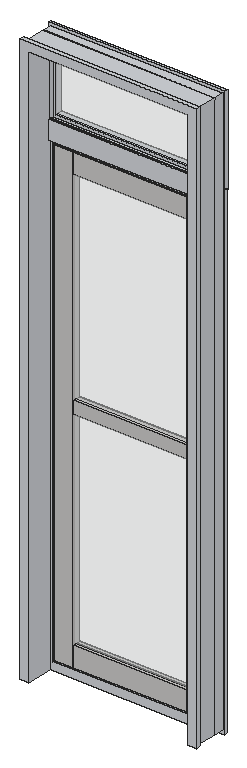
Revit family "APL Residential Thermal Heart Hinged Door with Overlight Open In", category Doors, host Wall, Revit 2017 (continued)
Definition of nested family "APL Residential Thermal Heart Hinged Door with Overlight Open In Vertical Section"
  Definition of nested family "Overlight Detail"
    Definition of nested family "Open In Head&Sill"
      Lines and regions (mm)
        detail lines, in view "Ref. Level", not visible
          curve 52: line (43.039, 48.439, 0) -> (47.988, 48.439, 0)
          curve 53: line (48.146, 48.116, 0) -> (46.796, 45.416, 0)
          curve 54: line (46.487, 45.354, 0) -> (45.203, 46.459, 0)
          curve 55: arc (45.203, 46.459, 0) -> (44.221, 46.592, 0) -> (43.239, 46.459, 0) r 3.701
          curve 56: arc (48.146, 48.116, 0) -> (48.168, 48.327, 0) -> (47.988, 48.439, 0) r 0.2
      Nested families
        nested 1: "65200_Rail" at (-3.982, 40.067, 0), type "65200_Rail", in view "Ref. Level"
        nested 2: "65300_Open In Frame" at (0, 25.539, 0), type "65300_Open In Frame", in view "Ref. Level"
      Definition of nested family "65200_Rail"
        Reference planes
          plane 1 "Center (Front/Back)": y = 0
          plane 2: z = 0
          plane 3 "Center (Left/Right)": x = 0
        Lines and regions (mm)
          model lines, in view "Ref. Level"
            curve 1: arc (21.508, 72.285, 0) -> (21.289, 71.405, 0) -> (21.948, 70.781, 0) r 0.9
            curve 2: arc (21.948, 70.781, 0) -> (22.059, 70.711, 0) -> (22.103, 70.587, 0) r 0.2
            curve 3: arc (22.103, 69.98, 0) -> (22.249, 69.626, 0) -> (22.603, 69.48, 0) r 0.5
            curve 4: arc (26.4, 69.48, 0) -> (26.754, 69.626, 0) -> (26.9, 69.98, 0) r 0.5
            curve 5: arc (26.9, 72.45, 0) -> (26.772, 72.668, 0) -> (26.519, 72.663, 0) r 0.25
            curve 6: arc (26.434, 72.611, 0) -> (26.328, 72.479, 0) -> (26.331, 72.309, 0) r 0.25
            curve 7: arc (25.077, 71.544, 0) -> (25.002, 71.511, 0) -> (24.921, 71.5, 0) r 0.3
            curve 8: arc (24.4, 71.5, 0) -> (24.242, 71.578, 0) -> (24.206, 71.75, 0) r 0.2
            curve 9: arc (24.4, 75.753, 0) -> (24.374, 75.875, 0) -> (24.3, 75.976, 0) r 0.3
            curve 10: arc (24.3, 75.976, 0) -> (24.22, 76.307, 0) -> (24.5, 76.5, 0) r 0.3
            curve 11: arc (26.721, 75.957, 0) -> (26.81, 75.905, 0) -> (26.862, 75.816, 0) r 0.2
            curve 12: arc (26.907, 75.648, 0) -> (27.048, 75.507, 0) -> (27.241, 75.559, 0) r 0.2
            curve 13: arc (27.605, 75.922, 0) -> (27.665, 76.008, 0) -> (27.692, 76.108, 0) r 0.3
            curve 14: arc (27.899, 78.474, 0) -> (27.783, 78.738, 0) -> (27.497, 78.782, 0) r 0.3
            curve 15: arc (26.087, 78.268, 0) -> (25.961, 78.181, 0) -> (25.895, 78.043, 0) r 0.3
            curve 16: arc (25.895, 78.043, 0) -> (25.622, 77.801, 0) -> (25.317, 78, 0) r 0.3
            curve 17: arc (9.5, 78, 0) -> (9.359, 77.941, 0) -> (9.3, 77.8, 0) r 0.2
            curve 18: arc (9.3, 77.5, 0) -> (9.38, 77.2, 0) -> (9.6, 76.98, 0) r 0.6
            curve 19: arc (10.7, 76.345, 0) -> (10.773, 76.272, 0) -> (10.8, 76.172, 0) r 0.2
            curve 20: arc (10.8, 72.08, 0) -> (10.507, 71.373, 0) -> (9.8, 71.08, 0) r 1
            curve 21: arc (2.42, 71.08, 0) -> (1.721, 71.366, 0) -> (1.421, 72.06, 0) r 1
            curve 22: arc (1.322, 76.935, 0) -> (1.357, 77.052, 0) -> (1.453, 77.127, 0) r 0.2
            curve 23: arc (1.453, 77.127, 0) -> (1.621, 77.234, 0) -> (1.725, 77.403, 0) r 0.45
            curve 24: arc (1.725, 77.403, 0) -> (1.729, 77.522, 0) -> (1.665, 77.621, 0) r 0.2
            curve 25: arc (0.2, 78, 0) -> (0.059, 77.941, 0) -> (0, 77.8, 0) r 0.2
            curve 26: arc (0, 0.501, 0) -> (0.146, 0.147, 0) -> (0.5, 0, 0) r 0.5
            curve 27: arc (1, 0, 0) -> (1.354, 0.146, 0) -> (1.5, 0.5, 0) r 0.5
            curve 28: arc (1.5, 10.66, 0) -> (1.559, 10.801, 0) -> (1.7, 10.86, 0) r 0.2
            curve 29: arc (31.317, 10.86, 0) -> (31.622, 11.059, 0) -> (31.895, 10.817, 0) r 0.3
            curve 30: arc (31.895, 10.817, 0) -> (31.961, 10.679, 0) -> (32.087, 10.592, 0) r 0.3
            curve 31: arc (33.497, 10.078, 0) -> (33.783, 10.122, 0) -> (33.899, 10.386, 0) r 0.3
            curve 32: arc (33.692, 12.752, 0) -> (33.665, 12.852, 0) -> (33.605, 12.938, 0) r 0.3
            curve 33: arc (33.241, 13.301, 0) -> (33.048, 13.353, 0) -> (32.907, 13.212, 0) r 0.2
            curve 34: arc (32.862, 13.044, 0) -> (32.81, 12.955, 0) -> (32.721, 12.903, 0) r 0.2
            curve 35: arc (30.5, 12.36, 0) -> (30.22, 12.553, 0) -> (30.3, 12.884, 0) r 0.3
            curve 36: arc (30.3, 12.884, 0) -> (30.374, 12.985, 0) -> (30.4, 13.107, 0) r 0.3
            curve 37: arc (30.206, 17.11, 0) -> (30.242, 17.282, 0) -> (30.4, 17.36, 0) r 0.2
            curve 38: arc (30.921, 17.36, 0) -> (31.002, 17.349, 0) -> (31.077, 17.316, 0) r 0.3
            curve 39: arc (32.331, 16.551, 0) -> (32.328, 16.381, 0) -> (32.434, 16.249, 0) r 0.25
            curve 40: arc (32.519, 16.197, 0) -> (32.772, 16.192, 0) -> (32.9, 16.41, 0) r 0.25
            curve 41: arc (32.9, 18.88, 0) -> (32.754, 19.234, 0) -> (32.4, 19.38, 0) r 0.5
            curve 42: arc (29, 19.38, 0) -> (28.646, 19.234, 0) -> (28.5, 18.88, 0) r 0.5
            curve 43: arc (28.5, 12.96, 0) -> (28.354, 12.606, 0) -> (28, 12.46, 0) r 0.5
            curve 44: arc (23.847, 12.46, 0) -> (23.416, 12.707, 0) -> (23.41, 13.203, 0) r 0.5
            curve 45: arc (23.41, 13.203, 0) -> (23.869, 15.613, 0) -> (22.798, 17.82, 0) r 3.9
            curve 46: arc (22.798, 17.82, 0) -> (21.525, 17.837, 0) -> (21.508, 16.565, 0) r 0.9
            curve 47: arc (21.508, 16.565, 0) -> (22.103, 15.1, 0) -> (21.508, 13.635, 0) r 2.1
            curve 48: arc (21.508, 13.635, 0) -> (21.382, 13.473, 0) -> (21.297, 13.286, 0) r 0.9
            curve 49: arc (21.297, 13.286, 0) -> (21.199, 13.114, 0) -> (21.043, 12.993, 0) r 0.5
            curve 50: arc (21.043, 12.993, 0) -> (20.003, 12.75, 0) -> (18.962, 12.993, 0) r 2.35
            curve 51: arc (18.962, 12.993, 0) -> (18.806, 13.114, 0) -> (18.708, 13.286, 0) r 0.5
            curve 52: arc (18.708, 13.286, 0) -> (18.623, 13.473, 0) -> (18.498, 13.635, 0) r 0.9
            curve 53: arc (18.498, 13.635, 0) -> (17.903, 15.1, 0) -> (18.498, 16.565, 0) r 2.1
            curve 54: arc (18.498, 16.565, 0) -> (18.48, 17.837, 0) -> (17.208, 17.82, 0) r 0.9
            curve 55: arc (17.208, 17.82, 0) -> (16.136, 15.613, 0) -> (16.595, 13.203, 0) r 3.9
            curve 56: arc (16.595, 13.203, 0) -> (16.589, 12.707, 0) -> (16.158, 12.46, 0) r 0.5
            curve 57: arc (2.1, 12.46, 0) -> (1.746, 12.606, 0) -> (1.6, 12.96, 0) r 0.5
            curve 58: arc (1.6, 68.98, 0) -> (1.746, 69.334, 0) -> (2.1, 69.48, 0) r 0.5
            curve 59: arc (9.8, 69.48, 0) -> (11.638, 70.242, 0) -> (12.4, 72.08, 0) r 2.6
            curve 60: arc (12.4, 75.9, 0) -> (12.546, 76.254, 0) -> (12.9, 76.4, 0) r 0.5
            curve 61: line (22.103, 70.587, 0) -> (22.103, 69.98, 0)
            curve 62: line (22.603, 69.48, 0) -> (26.4, 69.48, 0)
            curve 63: line (26.9, 69.98, 0) -> (26.9, 72.45, 0)
            curve 64: line (26.331, 72.309, 0) -> (25.077, 71.544, 0)
            curve 65: line (25.077, 71.544, 0) -> (24.4, 71.5, 0)
            curve 66: line (24.206, 71.75, 0) -> (24.394, 72.475, 0)
            curve 67: line (24.394, 72.475, 0) -> (24.4, 75.753, 0)
            curve 68: line (24.654, 76.5, 0) -> (26.721, 75.957, 0)
            curve 69: line (26.721, 75.957, 0) -> (26.907, 75.648, 0)
            curve 70: line (27.241, 75.559, 0) -> (27.605, 75.922, 0)
            curve 71: line (27.692, 76.108, 0) -> (27.899, 78.474, 0)
            curve 72: line (27.497, 78.782, 0) -> (26.087, 78.268, 0)
            curve 73: line (25.317, 78, 0) -> (9.5, 78, 0)
            curve 74: line (9.3, 77.8, 0) -> (9.3, 77.5, 0)
            curve 75: line (9.6, 76.98, 0) -> (10.7, 76.345, 0)
            curve 76: line (10.8, 76.172, 0) -> (10.8, 72.08, 0)
            curve 77: line (9.8, 71.08, 0) -> (2.42, 71.08, 0)
            curve 78: line (1.421, 72.06, 0) -> (1.322, 76.935, 0)
            curve 79: line (1.665, 77.621, 0) -> (1.269, 77.953, 0)
            curve 80: line (1.269, 77.953, 0) -> (0.2, 78, 0)
            curve 81: line (0, 77.8, 0) -> (0, 0.501, 0)
            curve 82: line (0.5, 0, 0) -> (1, 0, 0)
            curve 83: line (1.5, 0.5, 0) -> (1.5, 10.66, 0)
            curve 84: line (1.7, 10.86, 0) -> (31.317, 10.86, 0)
            curve 85: line (32.087, 10.592, 0) -> (33.497, 10.078, 0)
            curve 86: line (33.899, 10.386, 0) -> (33.692, 12.752, 0)
            curve 87: line (33.605, 12.938, 0) -> (33.241, 13.301, 0)
            curve 88: line (32.907, 13.212, 0) -> (32.862, 13.044, 0)
            curve 89: line (32.862, 13.044, 0) -> (30.732, 12.37, 0)
            curve 90: line (30.732, 12.37, 0) -> (30.5, 12.36, 0)
            curve 91: line (30.4, 13.107, 0) -> (30.4, 16.335, 0)
            curve 92: line (30.4, 16.335, 0) -> (30.206, 17.11, 0)
            curve 93: line (30.4, 17.36, 0) -> (30.921, 17.36, 0)
            curve 94: line (30.921, 17.36, 0) -> (32.331, 16.551, 0)
            curve 95: line (32.9, 16.41, 0) -> (32.9, 18.88, 0)
            curve 96: line (32.4, 19.38, 0) -> (29, 19.38, 0)
            curve 97: line (28.5, 18.88, 0) -> (28.5, 12.96, 0)
            curve 98: line (28, 12.46, 0) -> (23.847, 12.46, 0)
            curve 99: line (16.158, 12.46, 0) -> (2.1, 12.46, 0)
            curve 100: line (1.6, 12.96, 0) -> (1.6, 68.98, 0)
            curve 101: line (2.1, 69.48, 0) -> (9.8, 69.48, 0)
            curve 102: line (12.4, 72.08, 0) -> (12.4, 75.9, 0)
            curve 103: line (12.9, 76.4, 0) -> (16.164, 76.4, 0)
            curve 104: arc (16.164, 76.4, 0) -> (16.595, 76.153, 0) -> (16.6, 75.656, 0) r 0.5
            curve 105: arc (16.6, 75.656, 0) -> (16.136, 73.242, 0) -> (17.208, 71.03, 0) r 3.9
            curve 106: arc (17.208, 71.03, 0) -> (18.48, 71.013, 0) -> (18.498, 72.285, 0) r 0.9
            curve 107: arc (18.498, 72.285, 0) -> (17.903, 73.75, 0) -> (18.498, 75.215, 0) r 2.1
            curve 108: arc (18.498, 75.215, 0) -> (18.623, 75.377, 0) -> (18.708, 75.564, 0) r 0.9
            curve 109: arc (18.708, 75.564, 0) -> (18.806, 75.736, 0) -> (18.962, 75.857, 0) r 0.5
            curve 110: arc (18.962, 75.857, 0) -> (20.003, 76.1, 0) -> (21.043, 75.857, 0) r 2.35
            curve 111: arc (21.043, 75.857, 0) -> (21.199, 75.736, 0) -> (21.297, 75.564, 0) r 0.5
            curve 112: arc (21.297, 75.564, 0) -> (21.382, 75.377, 0) -> (21.508, 75.215, 0) r 0.9
            curve 113: arc (21.508, 75.215, 0) -> (22.103, 73.75, 0) -> (21.508, 72.285, 0) r 2.1
            curve 114: arc (30.4, 16.46, 0) -> (30.517, 16.743, 0) -> (30.8, 16.86, 0) r 0.4
            curve 115: arc (31.093, 16.86, 0) -> (31.196, 16.846, 0) -> (31.293, 16.806, 0) r 0.4
            curve 116: arc (32.821, 15.921, 0) -> (33.111, 15.801, 0) -> (33.422, 15.76, 0) r 1.2
            curve 117: arc (34.345, 15.76, 0) -> (34.918, 15.579, 0) -> (35.284, 15.102, 0) r 1
            curve 118: arc (36.077, 12.923, 0) -> (36.224, 12.732, 0) -> (36.453, 12.66, 0) r 0.4
            curve 119: arc (42.947, 12.66, 0) -> (43.176, 12.732, 0) -> (43.323, 12.923, 0) r 0.4
            curve 120: arc (44.116, 15.102, 0) -> (44.482, 15.579, 0) -> (45.055, 15.76, 0) r 1
            curve 121: arc (45.978, 15.76, 0) -> (46.289, 15.801, 0) -> (46.579, 15.921, 0) r 1.2
            curve 122: arc (48.107, 16.806, 0) -> (48.204, 16.846, 0) -> (48.307, 16.86, 0) r 0.4
            curve 123: arc (48.6, 16.86, 0) -> (48.883, 16.743, 0) -> (49, 16.46, 0) r 0.4
            curve 124: arc (49, 13.06, 0) -> (48.883, 12.777, 0) -> (48.6, 12.66, 0) r 0.4
            curve 125: arc (48.307, 12.66, 0) -> (48.204, 12.674, 0) -> (48.107, 12.714, 0) r 0.4
            curve 126: arc (46.579, 13.599, 0) -> (46.285, 13.72, 0) -> (45.97, 13.76, 0) r 1.2
            curve 127: arc (45.97, 13.76, 0) -> (45.795, 13.707, 0) -> (45.684, 13.563, 0) r 0.3
            curve 128: arc (44.796, 11.123, 0) -> (44.649, 10.932, 0) -> (44.42, 10.86, 0) r 0.4
            curve 129: arc (34.98, 10.86, 0) -> (34.751, 10.932, 0) -> (34.604, 11.123, 0) r 0.4
            curve 130: arc (33.716, 13.563, 0) -> (33.605, 13.707, 0) -> (33.43, 13.76, 0) r 0.3
            curve 131: arc (33.43, 13.76, 0) -> (33.115, 13.72, 0) -> (32.821, 13.599, 0) r 1.2
            curve 132: arc (31.293, 12.714, 0) -> (31.196, 12.674, 0) -> (31.093, 12.66, 0) r 0.4
            curve 133: arc (30.8, 12.66, 0) -> (30.517, 12.777, 0) -> (30.4, 13.06, 0) r 0.4
            curve 134: line (30.8, 16.86, 0) -> (31.093, 16.86, 0)
            curve 135: line (31.293, 16.806, 0) -> (32.821, 15.921, 0)
            curve 136: line (33.422, 15.76, 0) -> (34.345, 15.76, 0)
            curve 137: line (35.284, 15.102, 0) -> (36.077, 12.923, 0)
            curve 138: line (36.453, 12.66, 0) -> (42.947, 12.66, 0)
            curve 139: line (43.323, 12.923, 0) -> (44.116, 15.102, 0)
            curve 140: line (45.055, 15.76, 0) -> (45.978, 15.76, 0)
            curve 141: line (46.579, 15.921, 0) -> (48.107, 16.806, 0)
            curve 142: line (48.307, 16.86, 0) -> (48.6, 16.86, 0)
            curve 143: line (49, 16.46, 0) -> (49, 13.06, 0)
            curve 144: line (48.6, 12.66, 0) -> (48.307, 12.66, 0)
            curve 145: line (48.107, 12.714, 0) -> (46.579, 13.599, 0)
            curve 146: line (45.684, 13.563, 0) -> (44.796, 11.123, 0)
            curve 147: line (44.42, 10.86, 0) -> (34.98, 10.86, 0)
            curve 148: line (34.604, 11.123, 0) -> (33.716, 13.563, 0)
            curve 149: line (32.821, 13.599, 0) -> (31.293, 12.714, 0)
            curve 150: line (31.093, 12.66, 0) -> (30.8, 12.66, 0)
            curve 151: line (30.4, 13.06, 0) -> (30.4, 16.46, 0)
            curve 152: arc (24.4, 72.4, 0) -> (24.517, 72.117, 0) -> (24.8, 72, 0) r 0.4
            curve 153: arc (25.093, 72, 0) -> (25.196, 72.014, 0) -> (25.293, 72.054, 0) r 0.4
            curve 154: arc (26.821, 72.939, 0) -> (27.111, 73.059, 0) -> (27.422, 73.1, 0) r 1.2
            curve 155: arc (28.345, 73.1, 0) -> (28.918, 73.281, 0) -> (29.284, 73.758, 0) r 1
            curve 156: arc (30.077, 75.937, 0) -> (30.224, 76.128, 0) -> (30.453, 76.2, 0) r 0.4
            curve 157: arc (36.947, 76.2, 0) -> (37.176, 76.128, 0) -> (37.323, 75.937, 0) r 0.4
            curve 158: arc (38.116, 73.758, 0) -> (38.482, 73.281, 0) -> (39.055, 73.1, 0) r 1
            curve 159: arc (39.978, 73.1, 0) -> (40.289, 73.059, 0) -> (40.579, 72.939, 0) r 1.2
            curve 160: arc (42.107, 72.054, 0) -> (42.204, 72.014, 0) -> (42.307, 72, 0) r 0.4
            curve 161: arc (42.6, 72, 0) -> (42.883, 72.117, 0) -> (43, 72.4, 0) r 0.4
            curve 162: arc (43, 75.8, 0) -> (42.883, 76.083, 0) -> (42.6, 76.2, 0) r 0.4
            curve 163: arc (42.307, 76.2, 0) -> (42.204, 76.186, 0) -> (42.107, 76.146, 0) r 0.4
            curve 164: arc (40.579, 75.261, 0) -> (40.285, 75.14, 0) -> (39.97, 75.1, 0) r 1.2
            curve 165: arc (39.97, 75.1, 0) -> (39.795, 75.153, 0) -> (39.684, 75.297, 0) r 0.3
            curve 166: arc (38.796, 77.737, 0) -> (38.649, 77.928, 0) -> (38.42, 78, 0) r 0.4
            curve 167: arc (28.98, 78, 0) -> (28.751, 77.928, 0) -> (28.604, 77.737, 0) r 0.4
            curve 168: arc (27.716, 75.297, 0) -> (27.605, 75.153, 0) -> (27.43, 75.1, 0) r 0.3
            curve 169: arc (27.43, 75.1, 0) -> (27.115, 75.14, 0) -> (26.821, 75.261, 0) r 1.2
            curve 170: arc (25.293, 76.146, 0) -> (25.196, 76.186, 0) -> (25.093, 76.2, 0) r 0.4
            curve 171: arc (24.8, 76.2, 0) -> (24.517, 76.083, 0) -> (24.4, 75.8, 0) r 0.4
            curve 172: line (24.8, 72, 0) -> (25.093, 72, 0)
            curve 173: line (25.293, 72.054, 0) -> (26.821, 72.939, 0)
            curve 174: line (27.422, 73.1, 0) -> (28.345, 73.1, 0)
            curve 175: line (29.284, 73.758, 0) -> (30.077, 75.937, 0)
            curve 176: line (30.453, 76.2, 0) -> (36.947, 76.2, 0)
            curve 177: line (37.323, 75.937, 0) -> (38.116, 73.758, 0)
            curve 178: line (39.055, 73.1, 0) -> (39.978, 73.1, 0)
            curve 179: line (40.579, 72.939, 0) -> (42.107, 72.054, 0)
            curve 180: line (42.307, 72, 0) -> (42.6, 72, 0)
            curve 181: line (43, 72.4, 0) -> (43, 75.8, 0)
            curve 182: line (42.6, 76.2, 0) -> (42.307, 76.2, 0)
            curve 183: line (42.107, 76.146, 0) -> (40.579, 75.261, 0)
            curve 184: line (39.684, 75.297, 0) -> (38.796, 77.737, 0)
            curve 185: line (38.42, 78, 0) -> (28.98, 78, 0)
            curve 186: line (28.604, 77.737, 0) -> (27.716, 75.297, 0)
            curve 187: line (26.821, 75.261, 0) -> (25.293, 76.146, 0)
            curve 188: line (25.093, 76.2, 0) -> (24.8, 76.2, 0)
            curve 189: line (24.4, 75.8, 0) -> (24.4, 72.4, 0)
            curve 190: arc (44.4, 69.6, 0) -> (44.754, 69.746, 0) -> (44.9, 70.1, 0) r 0.5
            curve 191: arc (44.9, 76.091, 0) -> (44.955, 76.318, 0) -> (45.108, 76.496, 0) r 0.5
            curve 192: arc (45.108, 76.496, 0) -> (45.336, 76.687, 0) -> (45.535, 76.908, 0) r 2.1
            curve 193: arc (45.535, 76.908, 0) -> (45.71, 77.049, 0) -> (45.929, 77.1, 0) r 0.5
            curve 194: arc (49, 77.1, 0) -> (49.354, 76.954, 0) -> (49.5, 76.6, 0) r 0.5
            curve 195: arc (49.5, 23.4, 0) -> (49.354, 23.046, 0) -> (49, 22.9, 0) r 0.5
            curve 196: arc (44.8, 22.9, 0) -> (44.659, 22.841, 0) -> (44.6, 22.7, 0) r 0.2
            curve 197: arc (44.6, 21.1, 0) -> (44.659, 20.959, 0) -> (44.8, 20.9, 0) r 0.2
            curve 198: arc (49.295, 20.9, 0) -> (49.436, 20.841, 0) -> (49.495, 20.7, 0) r 0.2
            curve 199: arc (49.495, 19.46, 0) -> (49.436, 19.319, 0) -> (49.295, 19.26, 0) r 0.2
            curve 200: arc (47.809, 19.26, 0) -> (47.674, 19.241, 0) -> (47.549, 19.187, 0) r 0.5
            curve 201: arc (46.979, 18.839, 0) -> (46.628, 18.475, 0) -> (46.5, 17.986, 0) r 1
            curve 202: arc (46.5, 16.41, 0) -> (46.628, 16.192, 0) -> (46.88, 16.197, 0) r 0.25
            curve 203: arc (46.966, 16.249, 0) -> (47.072, 16.381, 0) -> (47.069, 16.551, 0) r 0.25
            curve 204: arc (48.323, 17.316, 0) -> (48.398, 17.349, 0) -> (48.479, 17.36, 0) r 0.3
            curve 205: arc (49, 17.36, 0) -> (49.158, 17.282, 0) -> (49.194, 17.11, 0) r 0.2
            curve 206: arc (49, 13.107, 0) -> (49.026, 12.985, 0) -> (49.1, 12.884, 0) r 0.3
            curve 207: arc (49.1, 12.884, 0) -> (49.18, 12.553, 0) -> (48.9, 12.36, 0) r 0.3
            curve 208: arc (46.679, 12.903, 0) -> (46.59, 12.955, 0) -> (46.538, 13.044, 0) r 0.2
            curve 209: arc (46.493, 13.212, 0) -> (46.352, 13.353, 0) -> (46.159, 13.301, 0) r 0.2
            curve 210: arc (45.795, 12.938, 0) -> (45.735, 12.852, 0) -> (45.708, 12.752, 0) r 0.3
            curve 211: arc (45.501, 10.386, 0) -> (45.617, 10.122, 0) -> (45.903, 10.078, 0) r 0.3
            curve 212: arc (47.313, 10.592, 0) -> (47.439, 10.679, 0) -> (47.505, 10.817, 0) r 0.3
            curve 213: arc (47.505, 10.817, 0) -> (47.778, 11.059, 0) -> (48.083, 10.86, 0) r 0.3
            curve 214: arc (49.4, 10.86, 0) -> (49.754, 10.714, 0) -> (49.9, 10.36, 0) r 0.5
            curve 215: arc (49.9, 0.5, 0) -> (50.046, 0.146, 0) -> (50.4, 0, 0) r 0.5
            curve 216: arc (50.9, 0, 0) -> (51.254, 0.146, 0) -> (51.4, 0.5, 0) r 0.5
            curve 217: arc (51.4, 96.5, 0) -> (51.254, 96.854, 0) -> (50.9, 97, 0) r 0.5
            curve 218: arc (43, 97, 0) -> (42.646, 96.854, 0) -> (42.5, 96.5, 0) r 0.5
            curve 219: arc (42.5, 95.25, 0) -> (43, 94.75, 0) -> (43.5, 95.25, 0) r 0.5
            curve 220: arc (43.5, 95.8, 0) -> (43.559, 95.941, 0) -> (43.7, 96, 0) r 0.2
            curve 221: arc (44.8, 96, 0) -> (44.941, 95.941, 0) -> (45, 95.8, 0) r 0.2
            curve 222: arc (45, 90.7, 0) -> (44.941, 90.559, 0) -> (44.8, 90.5, 0) r 0.2
            curve 223: arc (43.7, 90.5, 0) -> (43.559, 90.559, 0) -> (43.5, 90.7, 0) r 0.2
            curve 224: arc (43.5, 91.25, 0) -> (43, 91.75, 0) -> (42.5, 91.25, 0) r 0.5
            curve 225: arc (42.5, 89.7, 0) -> (42.559, 89.559, 0) -> (42.7, 89.5, 0) r 0.2
            curve 226: arc (46.3, 89.5, 0) -> (46.441, 89.559, 0) -> (46.5, 89.7, 0) r 0.2
            curve 227: arc (46.5, 95, 0) -> (46.646, 95.354, 0) -> (47, 95.5, 0) r 0.5
            curve 228: arc (49, 95.5, 0) -> (49.354, 95.354, 0) -> (49.5, 95, 0) r 0.5
            curve 229: arc (49.5, 79.5, 0) -> (49.354, 79.146, 0) -> (49, 79, 0) r 0.5
            curve 230: arc (44.88, 79, 0) -> (44.739, 78.941, 0) -> (44.68, 78.8, 0) r 0.2
            curve 231: arc (44.68, 78.2, 0) -> (44.621, 78.059, 0) -> (44.48, 78, 0) r 0.2
            curve 232: arc (42.083, 78, 0) -> (41.778, 77.801, 0) -> (41.505, 78.043, 0) r 0.3
            curve 233: arc (41.505, 78.043, 0) -> (41.439, 78.181, 0) -> (41.313, 78.268, 0) r 0.3
            curve 234: arc (39.903, 78.782, 0) -> (39.617, 78.738, 0) -> (39.501, 78.474, 0) r 0.3
            curve 235: arc (39.708, 76.108, 0) -> (39.735, 76.008, 0) -> (39.795, 75.922, 0) r 0.3
            curve 236: arc (40.159, 75.559, 0) -> (40.352, 75.507, 0) -> (40.493, 75.648, 0) r 0.2
            curve 237: arc (40.538, 75.816, 0) -> (40.59, 75.905, 0) -> (40.679, 75.957, 0) r 0.2
            curve 238: arc (42.9, 76.5, 0) -> (43.18, 76.307, 0) -> (43.1, 75.976, 0) r 0.3
            curve 239: arc (43.1, 75.976, 0) -> (43.026, 75.875, 0) -> (43, 75.753, 0) r 0.3
            curve 240: arc (43.194, 71.75, 0) -> (43.158, 71.578, 0) -> (43, 71.5, 0) r 0.2
            curve 241: arc (42.479, 71.5, 0) -> (42.398, 71.511, 0) -> (42.323, 71.544, 0) r 0.3
            curve 242: arc (41.069, 72.309, 0) -> (41.072, 72.479, 0) -> (40.966, 72.611, 0) r 0.25
            curve 243: arc (40.88, 72.663, 0) -> (40.628, 72.668, 0) -> (40.5, 72.45, 0) r 0.25
            curve 244: arc (40.5, 70.874, 0) -> (40.628, 70.385, 0) -> (40.979, 70.021, 0) r 1
            curve 245: arc (41.549, 69.673, 0) -> (41.674, 69.619, 0) -> (41.809, 69.6, 0) r 0.5
            curve 246: line (44.9, 70.1, 0) -> (44.9, 76.091, 0)
            curve 247: line (45.929, 77.1, 0) -> (49, 77.1, 0)
            curve 248: line (49.5, 76.6, 0) -> (49.5, 23.4, 0)
            curve 249: line (49, 22.9, 0) -> (44.8, 22.9, 0)
            curve 250: line (44.6, 22.7, 0) -> (44.6, 21.1, 0)
            curve 251: line (44.8, 20.9, 0) -> (49.295, 20.9, 0)
            curve 252: line (49.495, 20.7, 0) -> (49.495, 19.46, 0)
            curve 253: line (49.295, 19.26, 0) -> (47.809, 19.26, 0)
            curve 254: line (47.549, 19.187, 0) -> (46.979, 18.839, 0)
            curve 255: line (46.5, 17.986, 0) -> (46.5, 16.41, 0)
            curve 256: line (47.069, 16.551, 0) -> (48.323, 17.316, 0)
            curve 257: line (48.323, 17.316, 0) -> (49, 17.36, 0)
            curve 258: line (49.194, 17.11, 0) -> (49.006, 16.385, 0)
            curve 259: line (49.006, 16.385, 0) -> (49, 13.107, 0)
            curve 260: line (48.746, 12.36, 0) -> (46.679, 12.903, 0)
            curve 261: line (46.679, 12.903, 0) -> (46.493, 13.212, 0)
            curve 262: line (46.159, 13.301, 0) -> (45.795, 12.938, 0)
            curve 263: line (45.708, 12.752, 0) -> (45.501, 10.386, 0)
            curve 264: line (45.903, 10.078, 0) -> (47.313, 10.592, 0)
            curve 265: line (48.083, 10.86, 0) -> (49.4, 10.86, 0)
            curve 266: line (49.9, 10.36, 0) -> (49.9, 0.5, 0)
            curve 267: line (50.4, 0, 0) -> (50.9, 0, 0)
            curve 268: line (51.4, 0.5, 0) -> (51.4, 96.5, 0)
            curve 269: line (43, 97, 0) -> (50.9, 97, 0)
            curve 270: line (50.9, 97, 0) -> (43, 97, 0)
            curve 271: line (42.5, 96.5, 0) -> (42.5, 95.25, 0)
            curve 272: line (43.5, 95.25, 0) -> (43.5, 95.8, 0)
            curve 273: line (43.7, 96, 0) -> (44.8, 96, 0)
            curve 274: line (45, 95.8, 0) -> (45, 90.7, 0)
            curve 275: line (44.8, 90.5, 0) -> (43.7, 90.5, 0)
            curve 276: line (43.5, 90.7, 0) -> (43.5, 91.25, 0)
            curve 277: line (42.5, 91.25, 0) -> (42.5, 89.7, 0)
            curve 278: line (42.7, 89.5, 0) -> (46.3, 89.5, 0)
            curve 279: line (46.5, 89.7, 0) -> (46.5, 95, 0)
            curve 280: line (47, 95.5, 0) -> (49, 95.5, 0)
            curve 281: line (49.5, 95, 0) -> (49.5, 79.5, 0)
            curve 282: line (49, 79, 0) -> (44.88, 79, 0)
            curve 283: line (44.68, 78.8, 0) -> (44.68, 78.2, 0)
            curve 284: line (44.48, 78, 0) -> (42.083, 78, 0)
            curve 285: line (41.313, 78.268, 0) -> (39.903, 78.782, 0)
            curve 286: line (39.501, 78.474, 0) -> (39.708, 76.108, 0)
            curve 287: line (39.795, 75.922, 0) -> (40.159, 75.559, 0)
            curve 288: line (40.493, 75.648, 0) -> (40.538, 75.816, 0)
            curve 289: line (40.538, 75.816, 0) -> (42.668, 76.49, 0)
            curve 290: line (42.668, 76.49, 0) -> (42.9, 76.5, 0)
            curve 291: line (43, 75.753, 0) -> (43, 72.525, 0)
            curve 292: line (43, 72.525, 0) -> (43.194, 71.75, 0)
            curve 293: line (43, 71.5, 0) -> (42.479, 71.5, 0)
            curve 294: line (42.479, 71.5, 0) -> (41.069, 72.309, 0)
            curve 295: line (40.5, 72.45, 0) -> (40.5, 70.874, 0)
            curve 296: line (40.979, 70.021, 0) -> (41.549, 69.673, 0)
            curve 297: line (41.809, 69.6, 0) -> (44.4, 69.6, 0)
        Text (mm)
          text "65200" at (8.462, 126.741, 0), in view "Ref. Level"
      Definition of nested family "65300_Open In Frame"
        Reference planes
          plane 1 "Center (Front/Back)": y = 0
          plane 2: z = 0
          plane 3 "Center (Left/Right)": x = 0
        Lines and regions (mm)
          model lines, in view "Ref. Level"
            curve 1: arc (41.813, -11.527, 0) -> (41.517, -11.698, 0) -> (41.4, -12.02, 0) r 0.5
            curve 2: arc (41.4, -13.4, 0) -> (41.341, -13.541, 0) -> (41.2, -13.6, 0) r 0.2
            curve 3: arc (16.255, -13.6, 0) -> (16.114, -13.541, 0) -> (16.055, -13.4, 0) r 0.2
            curve 4: arc (16.055, -8.6, 0) -> (16.114, -8.459, 0) -> (16.255, -8.4, 0) r 0.2
            curve 5: arc (16.9, -8.4, 0) -> (17.961, -7.961, 0) -> (18.4, -6.9, 0) r 1.5
            curve 6: arc (18.4, -2.6, 0) -> (18.459, -2.459, 0) -> (18.6, -2.4, 0) r 0.2
            curve 7: arc (23.2, -2.4, 0) -> (23.341, -2.341, 0) -> (23.4, -2.2, 0) r 0.2
            curve 8: arc (23.4, -1.6, 0) -> (23.459, -1.459, 0) -> (23.6, -1.4, 0) r 0.2
            curve 9: arc (33.4, -1.4, 0) -> (33.541, -1.459, 0) -> (33.6, -1.6, 0) r 0.2
            curve 10: arc (33.6, -2.2, 0) -> (33.659, -2.341, 0) -> (33.8, -2.4, 0) r 0.2
            curve 11: arc (38.4, -2.4, 0) -> (38.541, -2.341, 0) -> (38.6, -2.2, 0) r 0.2
            curve 12: arc (38.6, -1.6, 0) -> (38.659, -1.459, 0) -> (38.8, -1.4, 0) r 0.2
            curve 13: arc (39.375, -1.4, 0) -> (39.996, -1.318, 0) -> (40.575, -1.078, 0) r 2.4
            curve 14: arc (48.4, 2.4, 0) -> (48.541, 2.341, 0) -> (48.6, 2.2, 0) r 0.2
            curve 15: arc (48.6, -2.8, 0) -> (48.454, -3.154, 0) -> (48.1, -3.3, 0) r 0.5
            curve 16: arc (46, -3.3, 0) -> (45.01, -3.71, 0) -> (44.6, -4.7, 0) r 1.4
            curve 17: arc (44.6, -10.616, 0) -> (44.483, -10.938, 0) -> (44.187, -11.109, 0) r 0.5
            curve 18: arc (16.4, -1.5, 0) -> (16.68, -1.693, 0) -> (16.6, -2.024, 0) r 0.3
            curve 19: arc (16.6, -2.024, 0) -> (16.526, -2.125, 0) -> (16.5, -2.247, 0) r 0.3
            curve 20: arc (16.694, -6.25, 0) -> (16.658, -6.422, 0) -> (16.5, -6.5, 0) r 0.2
            curve 21: arc (15.979, -6.5, 0) -> (15.898, -6.489, 0) -> (15.823, -6.456, 0) r 0.3
            curve 22: arc (14.569, -5.691, 0) -> (14.572, -5.521, 0) -> (14.466, -5.389, 0) r 0.25
            curve 23: arc (14.38, -5.337, 0) -> (14.15, -5.321, 0) -> (14.005, -5.5, 0) r 0.25
            curve 24: arc (13.755, -5.5, 0) -> (13.614, -5.559, 0) -> (13.555, -5.7, 0) r 0.2
            curve 25: arc (13.555, -7.186, 0) -> (13.581, -7.284, 0) -> (13.651, -7.356, 0) r 0.2
            curve 26: arc (14.059, -7.606, 0) -> (14.129, -7.679, 0) -> (14.155, -7.776, 0) r 0.2
            curve 27: arc (15.056, -16.445, 0) -> (15.361, -16.746, 0) -> (15.787, -16.701, 0) r 0.5
            curve 28: arc (15.924, -16.617, 0) -> (16.074, -16.697, 0) -> (16.24, -16.663, 0) r 0.25
            curve 29: arc (16.326, -16.611, 0) -> (16.432, -16.479, 0) -> (16.429, -16.309, 0) r 0.25
            curve 30: arc (17.682, -15.544, 0) -> (17.758, -15.511, 0) -> (17.839, -15.5, 0) r 0.3
            curve 31: arc (18.36, -15.5, 0) -> (18.518, -15.578, 0) -> (18.554, -15.75, 0) r 0.2
            curve 32: arc (18.36, -19.753, 0) -> (18.386, -19.875, 0) -> (18.46, -19.976, 0) r 0.3
            curve 33: arc (18.46, -19.976, 0) -> (18.54, -20.307, 0) -> (18.26, -20.5, 0) r 0.3
            curve 34: arc (16.039, -19.957, 0) -> (15.95, -19.905, 0) -> (15.898, -19.816, 0) r 0.2
            curve 35: arc (15.853, -19.648, 0) -> (15.712, -19.507, 0) -> (15.519, -19.559, 0) r 0.2
            curve 36: arc (15.155, -19.922, 0) -> (15.095, -20.008, 0) -> (15.068, -20.108, 0) r 0.3
            curve 37: arc (14.861, -22.474, 0) -> (14.977, -22.738, 0) -> (15.263, -22.782, 0) r 0.3
            curve 38: arc (16.673, -22.268, 0) -> (16.799, -22.181, 0) -> (16.865, -22.043, 0) r 0.3
            curve 39: arc (16.865, -22.043, 0) -> (17.138, -21.801, 0) -> (17.443, -22, 0) r 0.3
            curve 40: arc (19.76, -22, 0) -> (20.114, -21.854, 0) -> (20.26, -21.5, 0) r 0.5
            curve 41: arc (20.26, -15.2, 0) -> (20.319, -15.059, 0) -> (20.46, -15, 0) r 0.2
            curve 42: arc (24.707, -15.057, 0) -> (24.868, -15.163, 0) -> (25.057, -15.2, 0) r 0.5
            curve 43: arc (34.743, -15.2, 0) -> (34.932, -15.164, 0) -> (35.093, -15.057, 0) r 0.485
            curve 44: arc (41.4, -15, 0) -> (42.39, -14.59, 0) -> (42.8, -13.6, 0) r 1.4
            curve 45: arc (42.8, -13.194, 0) -> (42.917, -12.873, 0) -> (43.213, -12.702, 0) r 0.5
            curve 46: arc (44.013, -12.561, 0) -> (44.421, -12.67, 0) -> (44.6, -13.053, 0) r 0.5
            curve 47: arc (44.6, -24.2, 0) -> (44.981, -25.119, 0) -> (45.9, -25.5, 0) r 1.3
            curve 48: arc (55.35, -25.5, 0) -> (56, -24.85, 0) -> (55.35, -24.2, 0) r 0.65
            curve 49: arc (49.5, -4.7, 0) -> (49.854, -4.554, 0) -> (50, -4.2, 0) r 0.5
            curve 50: arc (50, 7.5, 0) -> (49.707, 8.207, 0) -> (49, 8.5, 0) r 1
            curve 51: arc (46.6, 8.5, 0) -> (45.893, 8.207, 0) -> (45.6, 7.5, 0) r 1
            curve 52: arc (45.6, 7.4, 0) -> (45.688, 7.188, 0) -> (45.9, 7.1, 0) r 0.3
            curve 53: arc (48.4, 7.1, 0) -> (48.541, 7.041, 0) -> (48.6, 6.9, 0) r 0.2
            curve 54: arc (48.6, 4, 0) -> (48.541, 3.859, 0) -> (48.4, 3.8, 0) r 0.2
            curve 55: arc (46.6, 3.8, 0) -> (46.238, 3.752, 0) -> (45.9, 3.612, 0) r 1.4
            curve 56: arc (39.875, 0.134, 0) -> (39.634, 0.034, 0) -> (39.375, 0, 0) r 1
            curve 57: arc (15.583, 0, 0) -> (15.278, -0.199, 0) -> (15.005, 0.043, 0) r 0.3
            curve 58: arc (15.005, 0.043, 0) -> (14.939, 0.181, 0) -> (14.813, 0.268, 0) r 0.3
            curve 59: arc (13.403, 0.782, 0) -> (13.117, 0.738, 0) -> (13.001, 0.474, 0) r 0.3
            curve 60: arc (13.208, -1.892, 0) -> (13.235, -1.992, 0) -> (13.295, -2.078, 0) r 0.3
            curve 61: arc (13.659, -2.441, 0) -> (13.852, -2.493, 0) -> (13.993, -2.352, 0) r 0.2
            curve 62: line (41.4, -12.02, 0) -> (41.4, -13.4, 0)
            curve 63: line (41.2, -13.6, 0) -> (16.255, -13.6, 0)
            curve 64: line (16.055, -13.4, 0) -> (16.055, -8.6, 0)
            curve 65: line (16.255, -8.4, 0) -> (16.9, -8.4, 0)
            curve 66: line (18.4, -6.9, 0) -> (18.4, -2.6, 0)
            curve 67: line (18.6, -2.4, 0) -> (23.2, -2.4, 0)
            curve 68: line (23.4, -2.2, 0) -> (23.4, -1.6, 0)
            curve 69: line (23.6, -1.4, 0) -> (33.4, -1.4, 0)
            curve 70: line (33.6, -1.6, 0) -> (33.6, -2.2, 0)
            curve 71: line (33.8, -2.4, 0) -> (38.4, -2.4, 0)
            curve 72: line (38.6, -2.2, 0) -> (38.6, -1.6, 0)
            curve 73: line (38.8, -1.4, 0) -> (39.375, -1.4, 0)
            curve 74: line (40.575, -1.078, 0) -> (46.554, 2.373, 0)
            curve 75: line (46.554, 2.373, 0) -> (48.4, 2.4, 0)
            curve 76: line (48.6, 2.2, 0) -> (48.6, -2.8, 0)
            curve 77: line (48.1, -3.3, 0) -> (46, -3.3, 0)
            curve 78: line (44.6, -4.7, 0) -> (44.6, -10.616, 0)
            curve 79: line (44.187, -11.109, 0) -> (41.813, -11.527, 0)
            curve 80: line (13.993, -2.352, 0) -> (14.179, -2.043, 0)
            curve 81: line (14.179, -2.043, 0) -> (16.168, -1.51, 0)
            curve 82: line (16.168, -1.51, 0) -> (16.4, -1.5, 0)
            curve 83: line (16.5, -2.247, 0) -> (16.5, -5.475, 0)
            curve 84: line (16.5, -5.475, 0) -> (16.694, -6.25, 0)
            curve 85: line (16.5, -6.5, 0) -> (15.979, -6.5, 0)
            curve 86: line (15.979, -6.5, 0) -> (14.569, -5.691, 0)
            curve 87: line (14.005, -5.5, 0) -> (13.755, -5.5, 0)
            curve 88: line (13.555, -5.7, 0) -> (13.555, -7.186, 0)
            curve 89: line (13.651, -7.356, 0) -> (14.059, -7.606, 0)
            curve 90: line (14.155, -7.776, 0) -> (14.155, -13.934, 0)
            curve 91: line (14.155, -13.934, 0) -> (15.056, -16.445, 0)
            curve 92: line (15.787, -16.701, 0) -> (15.924, -16.617, 0)
            curve 93: line (16.429, -16.309, 0) -> (17.682, -15.544, 0)
            curve 94: line (17.682, -15.544, 0) -> (18.36, -15.5, 0)
            curve 95: line (18.554, -15.75, 0) -> (18.366, -16.475, 0)
            curve 96: line (18.366, -16.475, 0) -> (18.36, -19.753, 0)
            curve 97: line (18.106, -20.5, 0) -> (16.039, -19.957, 0)
            curve 98: line (16.039, -19.957, 0) -> (15.853, -19.648, 0)
            curve 99: line (15.519, -19.559, 0) -> (15.155, -19.922, 0)
            curve 100: line (15.068, -20.108, 0) -> (14.861, -22.474, 0)
            curve 101: line (15.263, -22.782, 0) -> (16.673, -22.268, 0)
            curve 102: line (17.443, -22, 0) -> (19.76, -22, 0)
            curve 103: line (20.26, -21.5, 0) -> (20.26, -15.2, 0)
            curve 104: line (20.46, -15, 0) -> (24.567, -15, 0)
            curve 105: line (25.057, -15.2, 0) -> (29.5, -15.2, 0)
            curve 106: line (29.5, -15.2, 0) -> (29.9, -14.8, 0)
            curve 107: line (29.9, -14.8, 0) -> (30.3, -15.2, 0)
            curve 108: line (30.3, -15.2, 0) -> (34.743, -15.2, 0)
            curve 109: line (35.233, -15, 0) -> (41.4, -15, 0)
            curve 110: line (42.8, -13.6, 0) -> (42.8, -13.194, 0)
            curve 111: line (43.213, -12.702, 0) -> (44.013, -12.561, 0)
            curve 112: line (44.6, -13.053, 0) -> (44.6, -24.2, 0)
            curve 113: line (45.9, -25.5, 0) -> (47.7, -25.5, 0)
            curve 114: line (47.7, -25.5, 0) -> (48, -25.2, 0)
            curve 115: line (48, -25.2, 0) -> (53.25, -25.2, 0)
            curve 116: line (53.25, -25.2, 0) -> (53.55, -25.5, 0)
            curve 117: line (53.55, -25.5, 0) -> (55.35, -25.5, 0)
            curve 118: line (55.35, -24.2, 0) -> (46, -24.2, 0)
            curve 119: line (46, -24.2, 0) -> (46, -4.7, 0)
            curve 120: line (46, -4.7, 0) -> (49.5, -4.7, 0)
            curve 121: line (50, -4.2, 0) -> (50, 7.5, 0)
            curve 122: line (49, 8.5, 0) -> (46.6, 8.5, 0)
            curve 123: line (45.9, 7.1, 0) -> (48.4, 7.1, 0)
            curve 124: line (48.6, 6.9, 0) -> (48.6, 4, 0)
            curve 125: line (48.4, 3.8, 0) -> (46.6, 3.8, 0)
            curve 126: line (45.9, 3.612, 0) -> (39.875, 0.134, 0)
            curve 127: line (39.375, 0, 0) -> (36.5, 0, 0)
            curve 128: line (36.5, 0, 0) -> (36.1, -0.4, 0)
            curve 129: line (36.1, -0.4, 0) -> (35.7, 0, 0)
            curve 130: line (35.7, 0, 0) -> (25.9, 0, 0)
            curve 131: line (25.9, 0, 0) -> (25.5, -0.4, 0)
            curve 132: line (25.5, -0.4, 0) -> (25.1, 0, 0)
            curve 133: line (25.1, 0, 0) -> (15.583, 0, 0)
            curve 134: line (14.813, 0.268, 0) -> (13.403, 0.782, 0)
            curve 135: line (13.001, 0.474, 0) -> (13.208, -1.892, 0)
            curve 136: line (13.295, -2.078, 0) -> (13.659, -2.441, 0)
            curve 137: arc (14.038, -2.184, 0) -> (14.09, -2.095, 0) -> (14.179, -2.043, 0) r 0.2
            curve 138: arc (-0.24, -19.661, 0) -> (-0.123, -19.944, 0) -> (0.16, -20.061, 0) r 0.4
            curve 139: arc (0.453, -20.061, 0) -> (0.556, -20.047, 0) -> (0.653, -20.007, 0) r 0.4
            curve 140: arc (2.181, -19.122, 0) -> (2.471, -19.002, 0) -> (2.782, -18.961, 0) r 1.2
            curve 141: arc (3.705, -18.961, 0) -> (4.278, -18.78, 0) -> (4.644, -18.303, 0) r 1
            curve 142: arc (5.437, -16.124, 0) -> (5.584, -15.933, 0) -> (5.813, -15.861, 0) r 0.4
            curve 143: arc (12.307, -15.861, 0) -> (12.536, -15.933, 0) -> (12.683, -16.124, 0) r 0.4
            curve 144: arc (13.476, -18.303, 0) -> (13.842, -18.78, 0) -> (14.415, -18.961, 0) r 1
            curve 145: arc (15.338, -18.961, 0) -> (15.649, -19.002, 0) -> (15.939, -19.122, 0) r 1.2
            curve 146: arc (17.467, -20.007, 0) -> (17.564, -20.047, 0) -> (17.667, -20.061, 0) r 0.4
            curve 147: arc (17.96, -20.061, 0) -> (18.243, -19.944, 0) -> (18.36, -19.661, 0) r 0.4
            curve 148: arc (18.36, -16.261, 0) -> (18.243, -15.978, 0) -> (17.96, -15.861, 0) r 0.4
            curve 149: arc (17.667, -15.861, 0) -> (17.564, -15.875, 0) -> (17.467, -15.915, 0) r 0.4
            curve 150: arc (15.939, -16.799, 0) -> (15.645, -16.921, 0) -> (15.33, -16.961, 0) r 1.2
            curve 151: arc (15.33, -16.961, 0) -> (15.155, -16.908, 0) -> (15.044, -16.764, 0) r 0.3
            curve 152: arc (14.156, -14.324, 0) -> (14.009, -14.133, 0) -> (13.78, -14.061, 0) r 0.4
            curve 153: arc (4.34, -14.061, 0) -> (4.111, -14.133, 0) -> (3.964, -14.324, 0) r 0.4
            curve 154: arc (3.076, -16.764, 0) -> (2.965, -16.908, 0) -> (2.79, -16.961, 0) r 0.3
            curve 155: arc (2.79, -16.961, 0) -> (2.475, -16.921, 0) -> (2.181, -16.799, 0) r 1.2
            curve 156: arc (0.653, -15.915, 0) -> (0.556, -15.875, 0) -> (0.453, -15.861, 0) r 0.4
            curve 157: arc (0.16, -15.861, 0) -> (-0.123, -15.978, 0) -> (-0.24, -16.261, 0) r 0.4
            curve 158: line (0.16, -20.061, 0) -> (0.453, -20.061, 0)
            curve 159: line (0.653, -20.007, 0) -> (2.181, -19.122, 0)
            curve 160: line (2.782, -18.961, 0) -> (3.705, -18.961, 0)
            curve 161: line (4.644, -18.303, 0) -> (5.437, -16.124, 0)
            curve 162: line (5.813, -15.861, 0) -> (12.307, -15.861, 0)
            curve 163: line (12.683, -16.124, 0) -> (13.476, -18.303, 0)
            curve 164: line (14.415, -18.961, 0) -> (15.338, -18.961, 0)
            curve 165: line (15.939, -19.122, 0) -> (17.467, -20.007, 0)
            curve 166: line (17.667, -20.061, 0) -> (17.96, -20.061, 0)
            curve 167: line (18.36, -19.661, 0) -> (18.36, -16.261, 0)
            curve 168: line (17.96, -15.861, 0) -> (17.667, -15.861, 0)
            curve 169: line (17.467, -15.915, 0) -> (15.939, -16.799, 0)
            curve 170: line (15.044, -16.764, 0) -> (14.156, -14.324, 0)
            curve 171: line (13.78, -14.061, 0) -> (4.34, -14.061, 0)
            curve 172: line (3.964, -14.324, 0) -> (3.076, -16.764, 0)
            curve 173: line (2.181, -16.799, 0) -> (0.653, -15.915, 0)
            curve 174: line (0.453, -15.861, 0) -> (0.16, -15.861, 0)
            curve 175: line (-0.24, -16.261, 0) -> (-0.24, -19.661, 0)
            curve 176: arc (-2.1, -5.6, 0) -> (-1.983, -5.883, 0) -> (-1.7, -6, 0) r 0.4
            curve 177: arc (-1.407, -6, 0) -> (-1.304, -5.986, 0) -> (-1.207, -5.946, 0) r 0.4
            curve 178: arc (0.321, -5.061, 0) -> (0.611, -4.941, 0) -> (0.922, -4.9, 0) r 1.2
            curve 179: arc (1.845, -4.9, 0) -> (2.418, -4.719, 0) -> (2.784, -4.242, 0) r 1
            curve 180: arc (3.577, -2.063, 0) -> (3.724, -1.872, 0) -> (3.953, -1.8, 0) r 0.4
            curve 181: arc (10.447, -1.8, 0) -> (10.676, -1.872, 0) -> (10.823, -2.063, 0) r 0.4
            curve 182: arc (11.616, -4.242, 0) -> (11.982, -4.719, 0) -> (12.555, -4.9, 0) r 1
            curve 183: arc (13.478, -4.9, 0) -> (13.789, -4.941, 0) -> (14.079, -5.061, 0) r 1.2
            curve 184: arc (15.607, -5.946, 0) -> (15.704, -5.986, 0) -> (15.807, -6, 0) r 0.4
            curve 185: arc (16.1, -6, 0) -> (16.383, -5.883, 0) -> (16.5, -5.6, 0) r 0.4
            curve 186: arc (16.5, -2.2, 0) -> (16.383, -1.917, 0) -> (16.1, -1.8, 0) r 0.4
            curve 187: arc (15.807, -1.8, 0) -> (15.704, -1.814, 0) -> (15.607, -1.854, 0) r 0.4
            curve 188: arc (14.079, -2.739, 0) -> (13.785, -2.86, 0) -> (13.47, -2.9, 0) r 1.2
            curve 189: arc (13.47, -2.9, 0) -> (13.295, -2.847, 0) -> (13.184, -2.703, 0) r 0.3
            curve 190: arc (12.296, -0.263, 0) -> (12.149, -0.072, 0) -> (11.92, 0, 0) r 0.4
            curve 191: arc (2.48, 0, 0) -> (2.251, -0.072, 0) -> (2.104, -0.263, 0) r 0.4
            curve 192: arc (1.216, -2.703, 0) -> (1.105, -2.847, 0) -> (0.93, -2.9, 0) r 0.3
            curve 193: arc (0.93, -2.9, 0) -> (0.615, -2.86, 0) -> (0.321, -2.739, 0) r 1.2
            curve 194: arc (-1.207, -1.854, 0) -> (-1.304, -1.814, 0) -> (-1.407, -1.8, 0) r 0.4
            curve 195: arc (-1.7, -1.8, 0) -> (-1.983, -1.917, 0) -> (-2.1, -2.2, 0) r 0.4
            curve 196: line (-1.7, -6, 0) -> (-1.407, -6, 0)
            curve 197: line (-1.207, -5.946, 0) -> (0.321, -5.061, 0)
            curve 198: line (0.922, -4.9, 0) -> (1.845, -4.9, 0)
            curve 199: line (2.784, -4.242, 0) -> (3.577, -2.063, 0)
            curve 200: line (3.953, -1.8, 0) -> (10.447, -1.8, 0)
            curve 201: line (10.823, -2.063, 0) -> (11.616, -4.242, 0)
            curve 202: line (12.555, -4.9, 0) -> (13.478, -4.9, 0)
            curve 203: line (14.079, -5.061, 0) -> (15.607, -5.946, 0)
            curve 204: line (15.807, -6, 0) -> (16.1, -6, 0)
            curve 205: line (16.5, -5.6, 0) -> (16.5, -2.2, 0)
            curve 206: line (16.1, -1.8, 0) -> (15.807, -1.8, 0)
            curve 207: line (15.607, -1.854, 0) -> (14.079, -2.739, 0)
            curve 208: line (13.184, -2.703, 0) -> (12.296, -0.263, 0)
            curve 209: line (11.92, 0, 0) -> (2.48, 0, 0)
            curve 210: line (2.104, -0.263, 0) -> (1.216, -2.703, 0)
            curve 211: line (0.321, -2.739, 0) -> (-1.207, -1.854, 0)
            curve 212: line (-1.407, -1.8, 0) -> (-1.7, -1.8, 0)
            curve 213: line (-2.1, -2.2, 0) -> (-2.1, -5.6, 0)
            curve 214: arc (-15.5, 27, 0) -> (-15.351, 27.351, 0) -> (-15, 27.5, 0) r 0.508
            curve 215: arc (-8.7, 27.5, 0) -> (-8.559, 27.441, 0) -> (-8.5, 27.3, 0) r 0.2
            curve 216: arc (-8.5, 26.1, 0) -> (-8.559, 25.959, 0) -> (-8.7, 25.9, 0) r 0.2
            curve 217: arc (-13.8, 25.9, 0) -> (-13.941, 25.841, 0) -> (-14, 25.7, 0) r 0.2
            curve 218: arc (-14, 22.6, 0) -> (-13.941, 22.459, 0) -> (-13.8, 22.4, 0) r 0.2
            curve 219: arc (-10.5, 23.15, 0) -> (-10.346, 23.381, 0) -> (-10.073, 23.327, 0) r 0.25
            curve 220: arc (-8.5, 19.1, 0) -> (-8.559, 18.959, 0) -> (-8.7, 18.9, 0) r 0.2
            curve 221: arc (-8.7, 18.9, 0) -> (-9.266, 19.134, 0) -> (-9.5, 19.7, 0) r 0.8
            curve 222: arc (-9.5, 20.8, 0) -> (-9.559, 20.941, 0) -> (-9.7, 21, 0) r 0.2
            curve 223: arc (-11.9, 20.4, 0) -> (-12.3, 20, 0) -> (-12.7, 20.4, 0) r 0.4
            curve 224: arc (-11.7, 8, 0) -> (-11.554, 8.354, 0) -> (-11.2, 8.5, 0) r 0.5
            curve 225: arc (-9.5, 8.5, 0) -> (-8.793, 8.207, 0) -> (-8.5, 7.5, 0) r 1
            curve 226: arc (-8.5, 7.4, 0) -> (-8.588, 7.188, 0) -> (-8.8, 7.1, 0) r 0.3
            curve 227: arc (-10.217, 7.1, 0) -> (-10.329, 7.066, 0) -> (-10.402, 6.975, 0) r 0.2
            curve 228: arc (-10.402, 6.975, 0) -> (-10.917, 6.339, 0) -> (-11.7, 6.1, 0) r 1.4
            curve 229: arc (-13.8, 6.1, 0) -> (-13.941, 6.041, 0) -> (-14, 5.9, 0) r 0.2
            curve 230: arc (-14, 1, 0) -> (-13.707, 0.293, 0) -> (-13, 0, 0) r 1
            curve 231: arc (-1.183, 0, 0) -> (-0.878, -0.199, 0) -> (-0.605, 0.043, 0) r 0.3
            curve 232: arc (-0.605, 0.043, 0) -> (-0.539, 0.181, 0) -> (-0.413, 0.268, 0) r 0.3
            curve 233: arc (0.997, 0.782, 0) -> (1.283, 0.738, 0) -> (1.399, 0.474, 0) r 0.3
            curve 234: arc (1.192, -1.892, 0) -> (1.165, -1.992, 0) -> (1.105, -2.078, 0) r 0.3
            curve 235: arc (0.741, -2.441, 0) -> (0.548, -2.493, 0) -> (0.407, -2.352, 0) r 0.2
            curve 236: arc (0.362, -2.184, 0) -> (0.31, -2.095, 0) -> (0.221, -2.043, 0) r 0.2
            curve 237: arc (-2, -1.5, 0) -> (-2.28, -1.693, 0) -> (-2.2, -2.024, 0) r 0.3
            curve 238: arc (-2.2, -2.024, 0) -> (-2.126, -2.125, 0) -> (-2.1, -2.247, 0) r 0.3
            curve 239: arc (-2.294, -6.25, 0) -> (-2.258, -6.422, 0) -> (-2.1, -6.5, 0) r 0.2
            curve 240: arc (-1.579, -6.5, 0) -> (-1.498, -6.489, 0) -> (-1.423, -6.456, 0) r 0.3
            curve 241: arc (-0.169, -5.691, 0) -> (-0.172, -5.521, 0) -> (-0.066, -5.389, 0) r 0.25
            curve 242: arc (0.02, -5.337, 0) -> (0.25, -5.321, 0) -> (0.395, -5.5, 0) r 0.25
            curve 243: arc (0.645, -5.5, 0) -> (0.786, -5.559, 0) -> (0.845, -5.7, 0) r 0.2
            curve 244: arc (0.845, -13.8, 0) -> (0.904, -13.941, 0) -> (1.045, -14, 0) r 0.2
            curve 245: arc (3.668, -14, 0) -> (3.832, -14.085, 0) -> (3.856, -14.268, 0) r 0.2
            curve 246: arc (3.163, -16.171, 0) -> (2.98, -16.41, 0) -> (2.694, -16.5, 0) r 0.5
            curve 247: arc (2.255, -16.5, 0) -> (2.11, -16.679, 0) -> (1.88, -16.663, 0) r 0.25
            curve 248: arc (1.794, -16.611, 0) -> (1.688, -16.479, 0) -> (1.691, -16.309, 0) r 0.25
            curve 249: arc (0.438, -15.544, 0) -> (0.362, -15.511, 0) -> (0.281, -15.5, 0) r 0.3
            curve 250: arc (-0.24, -15.5, 0) -> (-0.398, -15.578, 0) -> (-0.434, -15.75, 0) r 0.2
            curve 251: arc (-0.24, -19.753, 0) -> (-0.266, -19.875, 0) -> (-0.34, -19.976, 0) r 0.3
            curve 252: arc (-0.34, -19.976, 0) -> (-0.42, -20.307, 0) -> (-0.14, -20.5, 0) r 0.3
            curve 253: arc (2.081, -19.957, 0) -> (2.17, -19.905, 0) -> (2.222, -19.816, 0) r 0.2
            curve 254: arc (2.267, -19.648, 0) -> (2.408, -19.507, 0) -> (2.601, -19.559, 0) r 0.2
            curve 255: arc (2.965, -19.922, 0) -> (3.025, -20.008, 0) -> (3.052, -20.108, 0) r 0.3
            curve 256: arc (3.259, -22.474, 0) -> (3.143, -22.738, 0) -> (2.857, -22.782, 0) r 0.3
            curve 257: arc (1.447, -22.268, 0) -> (1.321, -22.181, 0) -> (1.255, -22.043, 0) r 0.3
            curve 258: arc (1.255, -22.043, 0) -> (0.982, -21.801, 0) -> (0.677, -22, 0) r 0.3
            curve 259: arc (0.2, -22, 0) -> (0.059, -22.059, 0) -> (0, -22.2, 0) r 0.2
            curve 260: arc (0, -27.301, 0) -> (-0.107, -27.836, 0) -> (-0.41, -28.291, 0) r 1.4
            curve 261: arc (-5.407, -33.287, 0) -> (-5.624, -33.612, 0) -> (-5.7, -33.995, 0) r 1
            curve 262: arc (-5.7, -39.659, 0) -> (-5.623, -39.816, 0) -> (-5.452, -39.853, 0) r 0.2
            curve 263: arc (-5.452, -39.853, 0) -> (-4.643, -40.177, 0) -> (-4.687, -41.048, 0) r 0.75
            curve 264: arc (-4.687, -41.048, 0) -> (-5.025, -42.005, 0) -> (-4.687, -42.962, 0) r 1.525
            curve 265: arc (-4.687, -42.962, 0) -> (-4.594, -43.113, 0) -> (-4.539, -43.281, 0) r 0.75
            curve 266: arc (-4.539, -43.281, 0) -> (-4.442, -43.492, 0) -> (-4.26, -43.636, 0) r 0.5
            curve 267: arc (-4.26, -43.636, 0) -> (-3.5, -43.805, 0) -> (-2.74, -43.637, 0) r 1.8
            curve 268: arc (-2.74, -43.637, 0) -> (-2.558, -43.492, 0) -> (-2.461, -43.28, 0) r 0.5
            curve 269: arc (-2.461, -43.28, 0) -> (-2.406, -43.112, 0) -> (-2.312, -42.961, 0) r 0.737
            curve 270: arc (-2.312, -42.961, 0) -> (-1.975, -42.005, 0) -> (-2.312, -41.049, 0) r 1.525
            curve 271: arc (-2.312, -41.049, 0) -> (-2.2, -40.012, 0) -> (-1.163, -40.124, 0) r 0.737
            curve 272: arc (-1.163, -40.124, 0) -> (-0.507, -41.796, 0) -> (-0.924, -43.544, 0) r 3
            curve 273: arc (-0.924, -43.544, 0) -> (-0.93, -44.047, 0) -> (-0.495, -44.3, 0) r 0.5
            curve 274: arc (-0.2, -44.3, 0) -> (-0.059, -44.359, 0) -> (0, -44.5, 0) r 0.2
            curve 275: arc (0, -45.3, 0) -> (-0.059, -45.441, 0) -> (-0.2, -45.5, 0) r 0.2
            curve 276: arc (-6, -45.5, 0) -> (-6.707, -45.207, 0) -> (-7, -44.5, 0) r 1
            curve 277: arc (-7, -35.563, 0) -> (-7.281, -34.295, 0) -> (-8.072, -33.265, 0) r 3
            curve 278: arc (-14.428, -27.931, 0) -> (-15.219, -26.9, 0) -> (-15.5, -25.63, 0) r 3
            curve 279: arc (-13.102, -1.4, 0) -> (-13.808, -1.693, 0) -> (-14.1, -2.4, 0) r 1
            curve 280: arc (-14.1, -25.631, 0) -> (-13.951, -26.308, 0) -> (-13.528, -26.859, 0) r 1.6
            curve 281: arc (-7.044, -32.3, 0) -> (-6.701, -32.416, 0) -> (-6.369, -32.27, 0) r 0.5
            curve 282: arc (-1.693, -27.594, 0) -> (-1.476, -27.269, 0) -> (-1.4, -26.886, 0) r 1
            curve 283: arc (-1.4, -22.466, 0) -> (-1.503, -22.161, 0) -> (-1.77, -21.983, 0) r 0.5
            curve 284: arc (-1.77, -21.983, 0) -> (-2.037, -21.804, 0) -> (-2.14, -21.5, 0) r 0.5
            curve 285: arc (-2.14, -15, 0) -> (-1.88, -14.328, 0) -> (-1.236, -14.005, 0) r 1
            curve 286: arc (-1.236, -14.005, 0) -> (-1.107, -13.94, 0) -> (-1.055, -13.806, 0) r 0.2
            curve 287: arc (-1.055, -8.9, 0) -> (-1.201, -8.546, 0) -> (-1.555, -8.4, 0) r 0.5
            curve 288: arc (-2.5, -8.4, 0) -> (-3.617, -8.073, 0) -> (-4.1, -7.014, 0) r 1.4
            curve 289: arc (-4.1, -1.9, 0) -> (-4.246, -1.546, 0) -> (-4.6, -1.4, 0) r 0.5
            curve 290: line (-15.5, -25.63, 0) -> (-15.5, 27, 0)
            curve 291: line (-15, 27.5, 0) -> (-8.7, 27.5, 0)
            curve 292: line (-8.5, 27.3, 0) -> (-8.5, 26.1, 0)
            curve 293: line (-8.7, 25.9, 0) -> (-13.8, 25.9, 0)
            curve 294: line (-14, 25.7, 0) -> (-14, 22.6, 0)
            curve 295: line (-13.8, 22.4, 0) -> (-10.5, 22.4, 0)
            curve 296: line (-10.5, 22.4, 0) -> (-10.5, 23.15, 0)
            curve 297: line (-10.073, 23.327, 0) -> (-8.559, 21.812, 0)
            curve 298: line (-8.559, 21.812, 0) -> (-8.5, 19.1, 0)
            curve 299: line (-9.5, 19.7, 0) -> (-9.5, 20.8, 0)
            curve 300: line (-9.7, 21, 0) -> (-11.9, 21, 0)
            curve 301: line (-11.9, 21, 0) -> (-11.9, 20.4, 0)
            curve 302: line (-12.7, 20.4, 0) -> (-12.7, 21, 0)
            curve 303: line (-12.7, 21, 0) -> (-14, 21, 0)
            curve 304: line (-14, 21, 0) -> (-14, 7.5, 0)
            curve 305: line (-14, 7.5, 0) -> (-11.7, 7.5, 0)
            curve 306: line (-11.7, 7.5, 0) -> (-11.7, 8, 0)
            curve 307: line (-11.2, 8.5, 0) -> (-9.5, 8.5, 0)
            curve 308: line (-8.8, 7.1, 0) -> (-10.217, 7.1, 0)
            curve 309: line (-11.7, 6.1, 0) -> (-13.8, 6.1, 0)
            curve 310: line (-14, 5.9, 0) -> (-14, 1, 0)
            curve 311: line (-13, 0, 0) -> (-1.183, 0, 0)
            curve 312: line (-0.413, 0.268, 0) -> (0.997, 0.782, 0)
            curve 313: line (1.399, 0.474, 0) -> (1.192, -1.892, 0)
            curve 314: line (1.105, -2.078, 0) -> (0.741, -2.441, 0)
            curve 315: line (0.407, -2.352, 0) -> (0.362, -2.184, 0)
            curve 316: line (0.362, -2.184, 0) -> (-1.768, -1.51, 0)
            curve 317: line (-1.768, -1.51, 0) -> (-2, -1.5, 0)
